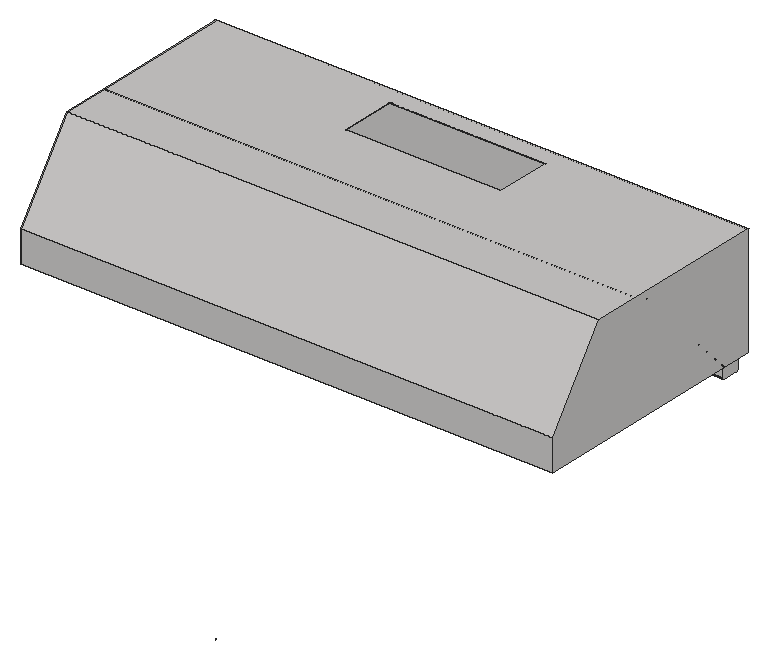
Revit family "QF_ELECTROLUXPROFESSIONAL_642333_BP1124DT", category Specialty Equipment, Revit 2014
Reference planes
  plane 1 "Center (Front/Back)": y = 0
  plane 2: z = 0
  plane 3 "Center (Left/Right)": x = 150
  plane 4 "LEFT": x = -1050
  plane 5 "RIGHT": x = 1350
  plane 6 "BACK": y = 550
  plane 7 "FRONT": y = -550
  plane 8 "TOP": z = 2500
  plane 9 "Base": z = 2000
  plane 10: z = 1926
  plane 11 "DrainY": y = 485
  plane 12: x = -1047
  plane 13: through (0, 414.509, 2000.8) normal (0, 0.7314, 0.682)
  plane 14: y = 470
  plane 15: y = 220
  plane 16 "DrainX": x = 1230
  plane 17: x = 500
  plane 18: x = -200
  plane 19: x = 1347
  plane 20: x = 1140
  plane 21: x = 1320
  plane 22: x = -1010
  plane 23: x = -645
  plane 24: x = -450
  plane 25: x = 1310
  plane 26: x = 945
  plane 27: x = 750
  plane 28: x = -47.5
  plane 29: x = 347.5
  plane 30: z = 2140
  plane 31: y = -290
Forms (mm)
  Extrusion 1, solid, material "QF_Finishes_Stainless Steel"
    sketch origin (-1050, 0, 360) x (0, 1, 0) y (0, 0, 1)
      loop
        line (550, 1640) -> (550, 2140) -> (-290, 2140) -> (-550, 1780) -> (-550, 1640) -> (550, 1640)
    from 0 to 3
  Extrusion 2, solid, material "QF_Finishes_Stainless Steel"
    sketch origin (150, 0, 360) x (0, 1, 0) y (0, 0, 1)
      loop
        line (415.255, 1640) -> (550, 1640) -> (550, 2139.19) -> (549.2, 2139.19) -> (549.2, 1640.8) -> (415.876, 1640.8) -> (339.347, 1722.867) -> (349.609, 1732.436) -> (348.927, 1733.167) -> (337.934, 1722.917) -> (415.255, 1640)
      loop
        line (-82.203, 2139.19) -> (-82.203, 2118.6) -> (-31.047, 2118.6) -> (34.354, 2048.466) -> (46.028, 2059.352) -> (45.346, 2060.083) -> (34.403, 2049.879) -> (-30.612, 2119.6) -> (-81.203, 2119.6) -> (-81.203, 2139.19) -> (-82.203, 2139.19)
    from -1197 to 1197
  Extrusion 3, solid, material "QF_Finishes_Stainless Steel"
    sketch origin (1350, 0, 360) x (0, 1, 0) y (0, 0, 1)
      loop
        line (550, 1640) -> (550, 2140) -> (-290, 2140) -> (-550, 1780) -> (-550, 1640) -> (550, 1640)
    from 0 to -3
  Extrusion 4, solid, material "QF_Finishes_Stainless Steel"
    sketch origin (150, 0, 360) x (0, 1, 0) y (0, 0, 1)
      loop
        line (-290, 2140) -> (-550, 1780) -> (-550, 1640) -> (-549.2, 1640) -> (-549.2, 1779.741) -> (-289.598, 2139.19) -> (550, 2139.19) -> (550, 2140) -> (-290, 2140)
    from -1200 to 1200
  Extrusion 5, solid, material "QF_Finishes_Stainless Steel"
    sketch origin (150, 0, 360) x (0, 1, 0) y (0, 0, 1)
      loop
        line (534, 1640) -> (436, 1640) -> (436, 1627) -> (443.5, 1627) -> (443.5, 1576)
        arc (443.5, 1576) -> (446.429, 1568.929) -> (453.5, 1566) r 10
        line (453.5, 1566) -> (516.5, 1566)
        arc (516.5, 1566) -> (523.571, 1568.929) -> (526.5, 1576) r 10
        line (526.5, 1576) -> (526.5, 1627) -> (534, 1627) -> (534, 1640)
    from 990 to 1170
  Extrusion 6, solid, material "QF_Finishes_Stainless Steel"
    sketch origin (0, 0, 2000) x (0, 1, 0) y (-1, 0, 0)
      loop
        circle (485, -1230) r 20
    from -76 to -74
  Extrusion 7, solid, material "QF_Finished_Chrome"
    sketch origin (150, 0, 360) x (0, 1, 0) y (0, 0, 1)
      loop
        line (337.934, 1722.917) -> (341.591, 1726.327) -> (38.011, 2051.876) -> (34.354, 2048.466) -> (337.934, 1722.917)
    from -795 to -1160
  Extrusion 8, solid, material "QF_Finished_Chrome"
    sketch origin (150, 0, 360) x (0, 1, 0) y (0, 0, 1)
      loop
        line (337.934, 1722.917) -> (341.591, 1726.327) -> (38.011, 2051.876) -> (34.354, 2048.466) -> (337.934, 1722.917)
    from -197.5 to -600
  Extrusion 9, solid, material "QF_Finishes_Stainless Steel"
    sketch origin (150, 0, 360) x (0, 1, 0) y (0, 0, 1)
      loop
        line (337.934, 1722.917) -> (341.591, 1726.327) -> (38.011, 2051.876) -> (34.354, 2048.466) -> (337.934, 1722.917)
    from 1197 to 1160
  Extrusion 10, solid, material "QF_Finishes_Stainless Steel"
    sketch origin (150, 0, 360) x (0, 1, 0) y (0, 0, 1)
      loop
        line (341.588, 1726.324) -> (38.009, 2051.874) -> (34.354, 2048.466) -> (337.934, 1722.917) -> (341.588, 1726.324)
    from -795 to -600
  Extrusion 11, solid, material "QF_Finished_Chrome"
    sketch origin (150, 0, 360) x (0, 1, 0) y (0, 0, 1)
      loop
        line (341.588, 1726.324) -> (38.009, 2051.874) -> (34.354, 2048.466) -> (337.934, 1722.917) -> (341.588, 1726.324)
    from 795 to 1160
  Extrusion 12, void
    sketch origin (0, 0, 2500) x (0, 1, 0) y (-1, 0, 0)
      loop
        line (470, 200) -> (220, 200) -> (220, -500) -> (470, -500) -> (470, 200)
    from 0 to -10
  Extrusion 13, solid, material "QF_Finishes_Stainless Steel"
    sketch origin (0, 0, 0) x (1, 0, 0) y (0, 1, 0)
      loop
        line (-1050, 550) -> (-1050, 549) -> (-1049, 549) -> (-1049, 550) -> (-1050, 550)
    from 0 to 1
  Extrusion 14, solid, material "QF_Finishes_Stainless Steel"
    sketch origin (150, 0, 360) x (0, 1, 0) y (0, 0, 1)
      loop
        line (337.934, 1722.917) -> (341.591, 1726.327) -> (38.011, 2051.876) -> (34.354, 2048.466) -> (337.934, 1722.917)
    from -1160 to -1197
  Extrusion 15, solid, material "QF_Finishes_Stainless Steel"
    sketch origin (150, 0, 360) x (0, 1, 0) y (0, 0, -1)
      loop
        line (341.588, -1726.324) -> (337.934, -1722.917) -> (34.354, -2048.466) -> (38.009, -2051.874) -> (341.588, -1726.324)
    from -795 to -600
  Extrusion 16, solid, material "QF_Finished_Chrome"
    sketch origin (150, 0, 360) x (0, 1, 0) y (0, 0, 1)
      loop
        line (337.934, 1722.917) -> (341.591, 1726.327) -> (38.011, 2051.876) -> (34.354, 2048.466) -> (337.934, 1722.917)
    from 600 to 197.5
  Extrusion 17, solid, material "QF_Finishes_Stainless Steel"
    sketch origin (150, 0, 360) x (0, 1, 0) y (0, 0, -1)
      loop
        line (341.588, -1726.324) -> (337.934, -1722.917) -> (34.354, -2048.466) -> (38.009, -2051.874) -> (341.588, -1726.324)
    from -197.5 to 197.5
Cuts and joins
  Extrusion 12 cuts Extrusion 4
  joined: Extrusion 2, Extrusion 4
Lines and regions (mm)
  reference lines
    curve 1: line (150, 34.354, 2408.466) -> (150, 34.354, 2248.466)
  symbolic lines, style "SpecialityEquipment", detail levels coarse
    curve 2: line (1350, 550, 2500) -> (-1050, 550, 2500)
    curve 3: line (-1050, 550, 2500) -> (-1050, -550, 2500)
    curve 4: line (1350, -550, 2500) -> (1350, 550, 2500)
    curve 5: line (-1050, -550, 2500) -> (1350, -550, 2500)
    curve 6: line (-200, 220, 2500) -> (500, 220, 2500)
    curve 7: line (-200, 470, 2500) -> (-200, 220, 2500)
    curve 8: line (500, 470, 2500) -> (-200, 470, 2500)
    curve 9: line (500, 220, 2500) -> (500, 470, 2500)
    curve 10: line (1350, -289.598, 0) -> (-1050, -289.598, 0)
    curve 11: line (-1050, -289.598, 0) -> (1350, 550, 0)
    curve 12: line (-1050, 550, 0) -> (1350, -289.598, 0)
Dimensions and locks
  plane 4 "LEFT" to plane 5 "RIGHT" = 2400 mm
  equal spacing: plane 4 "LEFT", plane 3 "Center (Left/Right)", plane 5 "RIGHT"
  locked: plane 8 "TOP" to plane 9 "Base" at 500
  plane 9 "Base" to plane 10 = 74 mm
  plane 6 "BACK" to plane 11 "DrainY" = 65 mm  (x2)
  plane 4 "LEFT" to plane 12 = 3 mm
  plane 6 "BACK" to plane 14 = 80 mm
  plane 14 to plane 15 = 250 mm  (x2)
  plane 16 "DrainX" to plane 5 "RIGHT" = 120 mm
  plane 19 to plane 5 "RIGHT" = 3 mm
  locked: plane 20 to plane 16 "DrainX" at 90
  locked: plane 16 "DrainX" to plane 21 at 90
  plane 6 "BACK" to plane 7 "FRONT" = 1100 mm  (x2)
  equal spacing: plane 6 "BACK", plane 1 "Center (Front/Back)", plane 7 "FRONT"
  plane 15 to plane 7 "FRONT" = 770 mm
  plane 14 to plane 6 "BACK" = 80 mm
  locked: plane 4 "LEFT" to plane 22 at 40
  locked: plane 22 to plane 23 at 365
  locked: plane 23 to plane 24 at 195
  locked: plane 25 to plane 26 at 365
  locked: plane 26 to plane 27 at 195
  locked: plane 25 to plane 5 "RIGHT" at 40
  locked: plane 28 to plane 29 at 395
  equal spacing: plane 28, plane 3 "Center (Left/Right)", plane 29
  locked: plane 18 to plane 17 at 700
  equal spacing: plane 18, plane 3 "Center (Left/Right)", plane 17
  plane 24 to plane 28 = 402.5 mm
  plane 29 to plane 27 = 402.5 mm
  plane 30 to plane 9 "Base" = 140 mm
  plane 31 to plane 7 "FRONT" = 260 mm
  locked: plane 9 "Base" to level at 2000
  aligned and locked: level to plane 2
  aligned and locked: Extrusion 2 to Extrusion 1
  aligned and locked: Extrusion 2 to Extrusion 3
  aligned and locked: plane 5 "RIGHT" to Extrusion 4
  aligned and locked: Extrusion 4 to plane 4 "LEFT"
  aligned and locked: plane 19 to Extrusion 9
  aligned and locked: plane 18 to Extrusion 12
  aligned and locked: Extrusion 12 to plane 17
  aligned and locked: Extrusion 12 to plane 15
  aligned and locked: Extrusion 12 to plane 14
  aligned and locked: Extrusion 2 to Extrusion 4
  aligned and locked: plane 21 to Extrusion 5
  aligned and locked: Extrusion 5 to plane 20
  aligned and locked: Extrusion 9 to plane 25
  aligned and locked: Extrusion 11 to plane 25
  aligned and locked: Extrusion 11 to plane 26
  aligned and locked: Extrusion 8 to plane 24
  aligned and locked: plane 24 to Extrusion 10
  aligned and locked: Extrusion 10 to plane 23
  aligned and locked: plane 23 to Extrusion 7
  aligned and locked: Extrusion 7 to plane 22
  aligned and locked: Extrusion 14 to plane 12
  aligned and locked: plane 22 to Extrusion 14
  aligned and locked: Extrusion 15 to plane 27
  aligned and locked: Extrusion 15 to plane 26
  aligned and locked: Extrusion 3 to plane 19
  aligned and locked: plane 28 to Extrusion 8
  aligned and locked: Extrusion 16 to plane 27
  aligned and locked: Extrusion 16 to plane 29
  aligned and locked: plane 29 to Extrusion 17
  aligned and locked: Extrusion 17 to plane 28
Automatic sketch dimensions
  curve 5 to plane 4 "LEFT" = 0 mm
  curve 5 to plane 7 "FRONT" = 0 mm
  curve 9 to plane 15 = 0 mm
  plane 14 to curve 8 = 0 mm
  curve 3 to plane 6 "BACK" = 0 mm
  curve 5 to plane 5 "RIGHT" = 0 mm
  curve 6 to plane 17 = 0 mm
  curve 6 to plane 18 = 0 mm
  Extrusion 2 sketch curve to plane 13 = 0 mm  (x3)
  Extrusion 2 sketch curve to plane 9 "Base" = 0 mm
  plane 13 to Extrusion 2 sketch curve = 0 mm
  Extrusion 2 sketch curve to plane 6 "BACK" = 0 mm
  Extrusion 2 sketch curve to Extrusion 2 sketch curve = 65.646 mm
  Extrusion 2 sketch curve to Extrusion 2 sketch curve = 0.682 mm  (x2)
  Extrusion 2 sketch curve to Extrusion 2 sketch curve = 10.261 mm
  plane 9 "Base" to Extrusion 2 sketch curve = 82.917 mm
  Extrusion 2 sketch curve to plane 1 "Center (Front/Back)" = 46.028 mm
  Extrusion 2 sketch curve to Extrusion 2 sketch curve = 10.942 mm
  Extrusion 2 sketch curve to Extrusion 2 sketch curve = 0.049 mm
  Extrusion 2 sketch curve to plane 8 "TOP" = 20.4 mm
  Extrusion 2 sketch curve to plane 8 "TOP" = 21.4 mm
  Extrusion 2 sketch curve to plane 8 "TOP" = 0.81 mm  (x2)
  Extrusion 2 sketch curve to Extrusion 2 sketch curve = 50.156 mm
  Extrusion 2 sketch curve to Extrusion 2 sketch curve = 1 mm
  plane 9 "Base" to Extrusion 2 sketch curve = 0.8 mm
  Extrusion 2 sketch curve to plane 6 "BACK" = 0.8 mm
  curve 1 to plane 13 = 0 mm
  curve 1 to plane 1 "Center (Front/Back)" = 34.354 mm
  Extrusion 5 sketch curve to plane 9 "Base" = 0 mm
  Extrusion 5 sketch curve to plane 10 = 0 mm
  Extrusion 5 sketch curve to plane 9 "Base" = 13 mm  (x2)
  plane 14 to Extrusion 5 sketch curve = 34 mm
  Extrusion 5 sketch curve to Extrusion 5 sketch curve = 7.5 mm  (x2)
  Extrusion 5 sketch curve to Extrusion 5 sketch curve = 10 mm
  plane 11 "DrainY" to Extrusion 5 sketch curve = 31.5 mm
  Extrusion 5 sketch curve to plane 6 "BACK" = 23.5 mm
  Extrusion 6 sketch curve to plane 11 "DrainY" = 0 mm
  Extrusion 6 sketch curve to plane 16 "DrainX" = 0 mm
  Extrusion 7 sketch curve to plane 13 = 0 mm  (x2)
  Extrusion 7 sketch curve to plane 1 "Center (Front/Back)" = 34.354 mm
  Extrusion 7 sketch curve to Extrusion 7 sketch curve = 3.657 mm
  plane 9 "Base" to Extrusion 7 sketch curve = 82.917 mm
  Extrusion 8 sketch curve to plane 13 = 0 mm  (x2)
  Extrusion 8 sketch curve to plane 1 "Center (Front/Back)" = 34.354 mm
  Extrusion 8 sketch curve to Extrusion 8 sketch curve = 3.657 mm
  plane 9 "Base" to Extrusion 8 sketch curve = 82.917 mm
  Extrusion 9 sketch curve to plane 13 = 0 mm  (x2)
  Extrusion 9 sketch curve to plane 1 "Center (Front/Back)" = 34.354 mm
  Extrusion 9 sketch curve to Extrusion 9 sketch curve = 3.657 mm
  plane 9 "Base" to Extrusion 9 sketch curve = 82.917 mm
  Extrusion 10 sketch curve to plane 13 = 0 mm  (x2)
  Extrusion 10 sketch curve to plane 1 "Center (Front/Back)" = 34.354 mm
  Extrusion 10 sketch curve to Extrusion 10 sketch curve = 3.655 mm
  plane 9 "Base" to Extrusion 10 sketch curve = 82.917 mm
  Extrusion 11 sketch curve to plane 13 = 0 mm  (x2)
  Extrusion 11 sketch curve to plane 1 "Center (Front/Back)" = 34.354 mm
  Extrusion 11 sketch curve to Extrusion 11 sketch curve = 3.655 mm
  plane 9 "Base" to Extrusion 11 sketch curve = 82.917 mm
  Extrusion 12 sketch curve to plane 15 = 0 mm
  plane 14 to Extrusion 12 sketch curve = 0 mm
  Extrusion 12 sketch curve to plane 17 = 0 mm
  Extrusion 12 sketch curve to plane 18 = 0 mm
  Extrusion 13 sketch curve to plane 4 "LEFT" = 0 mm
  Extrusion 13 sketch curve to plane 6 "BACK" = 0 mm
  plane 4 "LEFT" to Extrusion 13 sketch curve = 1 mm
  Extrusion 13 sketch curve to Extrusion 13 sketch curve = 1 mm
  Extrusion 14 sketch curve to plane 13 = 0 mm  (x2)
  Extrusion 14 sketch curve to plane 1 "Center (Front/Back)" = 34.354 mm
  Extrusion 14 sketch curve to Extrusion 14 sketch curve = 3.657 mm
  plane 9 "Base" to Extrusion 14 sketch curve = 82.917 mm
  Extrusion 15 sketch curve to plane 13 = 0 mm  (x2)
  Extrusion 15 sketch curve to plane 1 "Center (Front/Back)" = 34.354 mm
  Extrusion 15 sketch curve to Extrusion 15 sketch curve = 3.655 mm
  plane 9 "Base" to Extrusion 15 sketch curve = 82.917 mm
  Extrusion 16 sketch curve to plane 13 = 0 mm  (x2)
  Extrusion 16 sketch curve to plane 1 "Center (Front/Back)" = 34.354 mm
  Extrusion 16 sketch curve to Extrusion 16 sketch curve = 3.657 mm
  plane 9 "Base" to Extrusion 16 sketch curve = 82.917 mm
  Extrusion 17 sketch curve to plane 13 = 0 mm  (x2)
  Extrusion 17 sketch curve to plane 1 "Center (Front/Back)" = 34.354 mm
  Extrusion 17 sketch curve to Extrusion 17 sketch curve = 3.655 mm
  plane 9 "Base" to Extrusion 17 sketch curve = 82.917 mm
  curve 1 to curve 1 = 160 mm
  Extrusion 4 sketch curve to plane 7 "FRONT" = 0 mm
  Extrusion 4 sketch curve to plane 8 "TOP" = 0 mm
  Extrusion 4 sketch curve to plane 31 = 0 mm
  plane 31 to Extrusion 4 sketch curve = 0.402 mm
  Extrusion 4 sketch curve to plane 6 "BACK" = 0 mm
  Extrusion 4 sketch curve to plane 9 "Base" = 0 mm
  Extrusion 4 sketch curve to plane 30 = 0 mm
  Extrusion 4 sketch curve to plane 30 = 0.259 mm
  plane 7 "FRONT" to Extrusion 4 sketch curve = 0.8 mm
  Extrusion 4 sketch curve to Extrusion 4 sketch curve = 0.81 mm
  Extrusion 1 sketch curve to plane 7 "FRONT" = 0 mm
  Extrusion 1 sketch curve to plane 8 "TOP" = 0 mm
  Extrusion 1 sketch curve to plane 31 = 0 mm
  Extrusion 1 sketch curve to plane 6 "BACK" = 0 mm
  Extrusion 1 sketch curve to plane 9 "Base" = 0 mm
  Extrusion 1 sketch curve to plane 30 = 0 mm
  Extrusion 3 sketch curve to plane 7 "FRONT" = 0 mm
  Extrusion 3 sketch curve to plane 8 "TOP" = 0 mm
  Extrusion 3 sketch curve to plane 31 = 0 mm
  Extrusion 3 sketch curve to plane 6 "BACK" = 0 mm
  Extrusion 3 sketch curve to plane 9 "Base" = 0 mm
  Extrusion 3 sketch curve to plane 30 = 0 mm
  curve 10 to plane 4 "LEFT" = 0 mm
  curve 12 to plane 4 "LEFT" = 0 mm
  curve 11 to plane 5 "RIGHT" = 0 mm
  curve 10 to plane 5 "RIGHT" = 0 mm
  curve 12 to plane 6 "BACK" = 0 mm
  curve 11 to plane 6 "BACK" = 0 mm
  plane 31 to curve 11 = 0.402 mm
  radius of Extrusion 6 sketch curve = 20 mm
Connectors
  piping at (1230, 485, 1924), diameter 20
    settings: on Extrusion 6, index 1, connector inside diameter 609.6 mm, connector length 0 mm, flow factor 0, pipe flow 0.0 L/s, pressure drop 0.0 Pa, fitting loss kfactor 0, connector angle 0.00°, fixture units 0, engagement length 0 mm, angle of deflection 0.00°, flow configuration 1, flow direction 2, fitting loss method 0, system type 16, joint type 0, gender type 0, connector reference index -1, connector utility 0, adjustable connector no, is connector primary yes, connector description "Drain"
  hvac at (150, 345, 2500)
    settings: on Extrusion 12, index 2, duct flow 0.0 L/s, flow factor 0, pres drop 0.0 Pa, loss coef 0, conn angle 0.00°, conn width 250 mm, conn height 700 mm, conn diameter 609.6 mm, duct sys type 3, conn prof type 1, flow config 1, flow direction 0, loss method 0, conn ref index -1, conn util no, is conn primary yes, conn desc "EXHAUST OUTLET"
